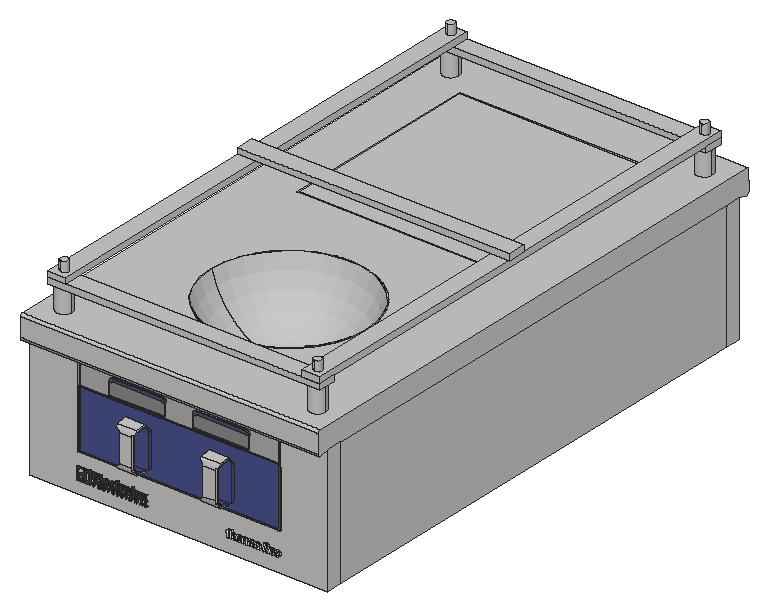
Revit family "QF_ELECTROLUXPROFESSIONAL_589850_MCIJAAEODM", category Attrezzature speciali, Revit 2020
Family settings
  Quota connettore circolare = Usa diametro
  Tipo di parte = Normale
  Basato su piano di lavoro = No
  Sempre verticale = Sì
  Taglio con vuoti quando caricato = No
  Condiviso = No
  Punto di calcolo locali = No
Parameters (values of type "Standard")
  Weight = 25.00 kg
  Watts = 10000 W
  Volts = 440 V
  URL Manufacturer = "https://www.electroluxprofessional.com/"
  URL = "https://www.electroluxprofessional.com/"
  Steam Supply Size = 0"
  Steam Supply Minimum Pressure = 0.00 psi
  Steam Supply Maximum Pressure = 0.00 psi
  Steam Consumption per Hour = 0
  Refrigeration Suction Line Size = 0 mm
  Refrigeration Liquid Line Size = 0 mm
  Refrigerant Compressor Remote = yes
  Prospetto di default = 0 mm
  Phase = 3
  Modello = "MCIJAAEODM"
  Produttore = "Electrolux Professional"
  Length Actual = 500 mm  # constant formula
  Item Number = "589850"
  Hot Water Size = 0"
  Height Actual = 250 mm  # constant formula
  HP = "13.4 HP"
  Gas Size = 0"
  Gas KW = 0
  Gas Input Pressure = 0.0 Btu/h
  Direct Waste Size = 0"
  Descrizione = "MARINE*IND.WOK,PLATE,2Z,1S,500X900X250H"
  Depth Actual = 900 mm  # constant formula
  Cycle = 50 Hz
  Condensate Return Size = 0"
  Compressed Air Volume = 0 GPM
  Compressed Air Size = 0"
  Compressed Air Pressure = 0.00 psi
  Cold Water Size = 0"
  Accessory = yes
Reference planes
  plane 1 "BACK": y = 0
  plane 2: z = 0
  plane 3 "LEFT": x = 0
  plane 4 "RIGHT": x = 500
  plane 5 "FRONT": y = -900
  plane 6 "TOP": z = 900
  plane 7 "Center (Left/Right)": x = 250
  plane 8 "Center (Back/Front)": y = -450
  plane 9: y = -150
  plane 10: x = 80
  plane 11: x = 420
  plane 12: y = -80
  plane 13: y = -420
  plane 14 "EIx": x = 455
  plane 15 "EIy": y = -685
  plane 16: z = 938
  plane 17 "BaseTop": z = 650
  plane 18: y = -855
  plane 19 "CenterWok": z = 975
  plane 20 "CenterWokY": y = -650
Forms (mm)
  Extrusion 1, solid, material "QF_Finishes_Stainless Steel"
    sketch origin (0, 0, 650) x (-1, 0, 0) y (0, -1, 0)
      loop
        line (0, 45) -> (0, 855) -> (-500, 855) -> (-500, 45) -> (0, 45)
    from 0 to 212.969
  Extrusion 2, solid, material "QF_Finishes_Stainless Steel"
    sketch origin (0, 0, 650) x (-1, 0, 0) y (0, -1, 0)
      loop
        circle (-455, 685) r 6.35
    from 0 to -11.851
  Extrusion 3, solid, material "QF_Finishes_Stainless Steel"
    sketch origin (250, 296.4, 1219.2) x (0, 1, 0) y (0, 0, 1)
      loop
        line (-296.4, -319.2) -> (-1191.4, -319.2)
        arc (-1191.4, -319.2) -> (-1194.935, -320.664) -> (-1196.4, -324.2) r 5
        line (-1196.4, -324.2) -> (-1196.4, -355.2)
        arc (-1196.4, -355.2) -> (-1194.971, -358.264) -> (-1191.705, -359.139) r 4
        line (-1191.705, -359.139) -> (-1176.4, -356.231) -> (-316.4, -356.231) -> (-301.094, -359.139)
        arc (-301.094, -359.139) -> (-297.829, -358.264) -> (-296.4, -355.2) r 4
        line (-296.4, -355.2) -> (-296.4, -319.2)
    from -250 to 250
  Revolve 4, void
    sketch origin (0, -650, 0) x (-1, 0, 0) y (0, 0, 1)
      loop
        line (-250, 900) -> (-250, 796.046)
        arc (-250, 796.046) -> (-166.56, 825.209) -> (-119.452, 900) r 133.95
        line (-119.452, 900) -> (-250, 900)
      axis (-250, 900) -> (-250, 796.046)
    angle from 0 to 360
  Revolve 5, solid, material "QF_Finishes_Stainless Steel"
    sketch origin (0, -650, 0) x (-1, 0, 0) y (0, 0, 1)
      loop
        arc (-120.643, 900) -> (-167.423, 826.111) -> (-250, 797.321) r 132.823
        line (-250, 797.321) -> (-250, 796.252)
        arc (-250, 796.252) -> (-166.66, 825.351) -> (-119.546, 900) r 133.892
        line (-119.546, 900) -> (-120.643, 900)
      axis (-250, 796.252) -> (-250, 900)
    angle from 0 to 360
  Extrusion 6, void
    sketch origin (0, 0, 900) x (-1, 0, 0) y (0, -1, 0)
      loop
        line (-80, 80) -> (-80, 420) -> (-420, 420) -> (-420, 80) -> (-80, 80)
    from 0 to -20
  Extrusion 7, solid, material "QF_Finishes_Stainless Steel"
    sketch origin (0, 0, 900) x (-1, 0, 0) y (0, -1, 0)
      loop
        line (-82, 418) -> (-418, 418) -> (-418, 82) -> (-82, 82) -> (-82, 418)
    from 0 to -20
  Extrusion 8, solid, material "QF_Finishes_Stainless Steel"
    sketch origin (97.542, 0.026, 940) x (0, 1, 0) y (-1, 0, 0)
      loop
        line (-30, 75) -> (-60, 75) -> (-60, -380) -> (-30, -380) -> (-30, 75)
      loop
        line (-870, 75) -> (-870, -380) -> (-840, -380) -> (-840, 75) -> (-870, 75)
      loop
        circle (-855, 60) r 6.5
      loop
        circle (-855, -365) r 6.5
      loop
        circle (-45, 60) r 6.5
      loop
        circle (-45, -365) r 6.5
    from 0 to 10
  Extrusion 9, solid, material "QF_Finishes_Stainless Steel"
    sketch origin (97.542, 0.026, 950) x (0, 1, 0) y (-1, 0, 0)
      loop
        line (-30, 75) -> (-870, 75) -> (-870, 45) -> (-30, 45) -> (-30, 75)
      loop
        line (-30, -380) -> (-30, -350) -> (-870, -350) -> (-870, -380) -> (-30, -380)
      loop
        circle (-45, 60) r 6.5
      loop
        circle (-45, -365) r 6.5
      loop
        circle (-855, 60) r 6.5
      loop
        circle (-855, -365) r 6.5
    from 0 to 10
  Extrusion 10, solid, material "QF_Finishes_Stainless Steel"
    sketch origin (97.542, 0.026, 960) x (0, 1, 0) y (-1, 0, 0)
      loop
        line (-442.5, 75) -> (-472.5, 75) -> (-472.5, -380) -> (-442.5, -380) -> (-442.5, 75)
    from 0 to 10
  Extrusion 11, solid, material "QF_Finishes_Stainless Steel"
    sketch origin (97.542, -0.974, 900) x (-1, 0, 0) y (0, -1, 0)
      loop
        circle (60, 44) r 13
      loop
        circle (-365, 44) r 13
      loop
        circle (60, 854) r 13
      loop
        circle (-365, 854) r 13
    from 0 to 40
  Extrusion 12, solid, material "QF_Finishes_Stainless Steel"
    sketch origin (97.542, -0.974, 940) x (0, 1, 0) y (-1, 0, 0)
      loop
        circle (-854, 60) r 6.5
      loop
        circle (-854, -365) r 6.5
      loop
        circle (-44, 60) r 6.5
      loop
        circle (-44, -365) r 6.5
    from 0 to 35
  Extrusion 13, solid, material "QF_Finishes_Stainless Steel"
    sketch origin (250, 296.4, 1219.2) x (0, 1, 0) y (0, 0, 1)
      loop
        line (-341.4, -569.2) -> (-316.4, -569.2) -> (-316.4, -356.231) -> (-341.4, -356.231) -> (-341.4, -569.2)
    from 250 to -250
Cuts and joins
  Revolve 4, Extrusion 6 cuts Extrusion 3
  Revolve 4 cuts Extrusion 1
Lines and regions (mm)
  symbolic lines
    curve 1: line (0, 0, 100) -> (500, 0, 100)
    curve 2: line (0, -900, 100) -> (0, 0, 100)
    curve 3: line (500, -900, 100) -> (0, -900, 100)
    curve 4: line (500, 0, 100) -> (500, -900, 100)
    curve 5: circle (250, -650, 0) r 135 normal (0, 0, 1)
    curve 6: line (80, -80, 900) -> (420, -80, 900)
    curve 7: line (80, -420, 900) -> (80, -80, 900)
    curve 8: line (420, -420, 900) -> (80, -420, 900)
    curve 9: line (420, -80, 900) -> (420, -420, 900)
    curve 24: line (22.542, -29.974, 900) -> (477.542, -29.974, 900)
    curve 25: line (22.542, -59.974, 900) -> (22.542, -29.974, 900)
    curve 26: line (447.542, -59.974, 900) -> (52.542, -59.974, 900)
    curve 27: line (477.542, -29.974, 900) -> (477.542, -59.974, 900)
    curve 28: line (22.542, -442.474, 900) -> (477.542, -442.474, 900)
    curve 29: line (22.542, -472.474, 900) -> (22.542, -442.474, 900)
    curve 30: line (477.542, -472.474, 900) -> (22.542, -472.474, 900)
    curve 31: line (477.542, -442.474, 900) -> (477.542, -472.474, 900)
    curve 32: line (52.542, -839.974, 900) -> (447.542, -839.974, 900)
    curve 33: line (22.542, -869.974, 900) -> (22.542, -839.974, 900)
    curve 34: line (477.542, -869.974, 900) -> (22.542, -869.974, 900)
    curve 35: line (477.542, -839.974, 900) -> (477.542, -869.974, 900)
    curve 36: line (22.542, -59.974, 900) -> (22.542, -442.474, 900)
    curve 37: line (22.542, -472.474, 900) -> (22.542, -839.974, 900)
    curve 38: line (477.542, -839.974, 900) -> (477.542, -472.474, 900)
    curve 39: line (477.542, -442.474, 900) -> (477.542, -59.974, 900)
    curve 40: line (447.542, -29.974, 900) -> (447.542, -442.474, 900)
    curve 41: line (447.542, -472.474, 900) -> (447.542, -869.974, 900)
    curve 42: line (52.542, -869.974, 900) -> (52.542, -472.474, 900)
    curve 43: line (52.542, -442.474, 900) -> (52.542, -29.974, 900)
    curve 44: circle (37.542, -44.974, 900) r 6.5 normal (0, 0, 1)
    curve 45: circle (462.542, -44.974, 900) r 6.5 normal (0, 0, 1)
    curve 46: circle (37.542, -854.974, 900) r 6.5 normal (0, 0, 1)
    curve 47: circle (462.542, -854.974, 900) r 6.5 normal (0, 0, 1)
  model lines
    curve 10: line (88.477, -104.179, 900) -> (102.619, -90.037, 900)
    curve 11: line (102.619, -90.037, 900) -> (397.381, -90.037, 900)
    curve 12: line (103.636, -107.353, 900) -> (89.494, -121.495, 900)
    curve 13: line (89.494, -121.495, 900) -> (89.494, -378.505, 900)
    curve 14: line (225, -225, 900) -> (275, -225, 900)
    curve 15: line (88.477, -395.821, 900) -> (102.619, -409.963, 900)
    curve 16: line (102.619, -409.963, 900) -> (397.381, -409.963, 900)
    curve 17: line (103.636, -392.647, 900) -> (89.494, -378.505, 900)
    curve 18: line (411.523, -104.179, 900) -> (397.381, -90.037, 900)
    curve 19: line (396.364, -107.353, 900) -> (410.506, -121.495, 900)
    curve 20: line (410.506, -121.495, 900) -> (410.506, -378.505, 900)
    curve 21: line (411.523, -395.821, 900) -> (397.381, -409.963, 900)
    curve 22: line (396.364, -392.647, 900) -> (410.506, -378.505, 900)
    curve 23: line (250, -250, 900) -> (250, -200, 900)
Dimensions and locks
  plane 3 "LEFT" to plane 4 "RIGHT" = 500 mm
  plane 5 "FRONT" to plane 1 "BACK" = 900 mm
  equal spacing: plane 3 "LEFT", plane 7 "Center (Left/Right)", plane 4 "RIGHT"
  equal spacing: plane 5 "FRONT", plane 8 "Center (Back/Front)", plane 1 "BACK"
  plane 6 "TOP" to level = 900 mm  (x2)
  plane 1 "BACK" to plane 9 = 150 mm
  plane 1 "BACK" to Extrusion 2 = 685 mm
  locked: plane 14 "EIx" to plane 4 "RIGHT" at 45
  plane 15 "EIy" to plane 1 "BACK" = 685 mm
  plane 16 to plane 6 "TOP" = 38 mm
  plane 12 to plane 1 "BACK" = 80 mm
  plane 3 "LEFT" to plane 10 = 80 mm
  plane 11 to plane 4 "RIGHT" = 80 mm
  locked: plane 6 "TOP" to plane 17 "BaseTop" at 250
  locked: plane 18 to plane 5 "FRONT" at 45
  plane 19 "CenterWok" to plane 6 "TOP" = 75 mm  (x2)
  plane 5 "FRONT" to plane 20 "CenterWokY" = 250 mm
  plane 13 to plane 12 = 340 mm
  aligned and locked: level to plane 2
  aligned and locked: nested 1 to plane 18
  aligned and locked: Extrusion 1 to plane 18
  aligned and locked: plane 3 "LEFT" to nested 1
  aligned and locked: cut or joined group of Extrusion 1, Revolve 4 to plane 17 "BaseTop"
  aligned and locked: cut or joined group of Extrusion 1, Revolve 4 to cut or joined group of Extrusion 3, Revolve 4, Extrusion 6
Automatic sketch dimensions
  Extrusion 2 sketch curve to plane 14 "EIx" = 0 mm
  Extrusion 2 sketch curve to plane 15 "EIy" = 0 mm
  Extrusion 6 sketch curve to plane 11 = 0 mm
  Extrusion 6 sketch curve to plane 10 = 0 mm
  plane 12 to Extrusion 6 sketch curve = 0 mm
  plane 13 to Extrusion 6 sketch curve = 0 mm
  Extrusion 7 sketch curve to plane 13 = 2 mm
  plane 11 to Extrusion 7 sketch curve = 2 mm
  Extrusion 7 sketch curve to plane 10 = 2 mm
  plane 12 to Extrusion 7 sketch curve = 2 mm
  Extrusion 3 sketch curve to plane 5 "FRONT" = 0 mm
  Extrusion 3 sketch curve to plane 6 "TOP" = 0 mm
  Extrusion 3 sketch curve to plane 1 "BACK" = 0 mm
  Extrusion 3 sketch curve to Extrusion 3 sketch curve = 4 mm
  Extrusion 3 sketch curve to Extrusion 3 sketch curve = 0.695 mm
  Extrusion 3 sketch curve to plane 5 "FRONT" = 5 mm
  Extrusion 3 sketch curve to Extrusion 3 sketch curve = 15.305 mm
  plane 1 "BACK" to Extrusion 3 sketch curve = 20 mm
  plane 1 "BACK" to Extrusion 3 sketch curve = 4.695 mm
  plane 1 "BACK" to Extrusion 3 sketch curve = 4 mm
  Extrusion 3 sketch curve to Extrusion 3 sketch curve = 31 mm
  Extrusion 3 sketch curve to Extrusion 3 sketch curve = 36 mm
  Extrusion 3 sketch curve to Extrusion 3 sketch curve = 2.909 mm
  curve 5 to plane 7 "Center (Left/Right)" = 0 mm
  curve 5 to plane 20 "CenterWokY" = 0 mm
  plane 1 "BACK" to curve 1 = 0 mm
  curve 1 to plane 4 "RIGHT" = 0 mm
  curve 3 to plane 3 "LEFT" = 0 mm
  plane 5 "FRONT" to curve 3 = 0 mm
  Revolve 4 sketch curve to plane 7 "Center (Left/Right)" = 0 mm  (x2)
  Revolve 4 sketch curve to plane 6 "TOP" = 0 mm
  Revolve 4 sketch curve to plane 10 = 39.452 mm
  Revolve 4 sketch curve to plane 6 "TOP" = 103.954 mm
  Revolve 4 sketch curve to Revolve 4 sketch curve = 0 mm
  plane 19 "CenterWok" to Revolve 4 sketch curve = 139.996 mm
  Revolve 5 sketch curve to Revolve 5 sketch curve = 0 mm  (x2)
  Revolve 5 sketch curve to plane 7 "Center (Left/Right)" = 0 mm  (x2)
  Revolve 5 sketch curve to plane 6 "TOP" = 0 mm
  Revolve 5 sketch curve to plane 10 = 40.643 mm
  Revolve 5 sketch curve to Revolve 5 sketch curve = 1.098 mm
  Revolve 5 sketch curve to plane 6 "TOP" = 102.679 mm
  Revolve 5 sketch curve to Revolve 5 sketch curve = 3.331 mm
  plane 16 to Revolve 5 sketch curve = 2.653 mm
  Extrusion 8 sketch curve to plane 18 = 14.974 mm
  plane 18 to Extrusion 8 sketch curve = 0.026 mm  (x2)
  plane 18 to Extrusion 8 sketch curve = 15.026 mm
  Extrusion 8 sketch curve to plane 12 = 20.026 mm
  Extrusion 8 sketch curve to Extrusion 8 sketch curve = 15 mm  (x7)
  Extrusion 8 sketch curve to plane 14 "EIx" = 7.542 mm  (x2)
  plane 3 "LEFT" to Extrusion 8 sketch curve = 37.542 mm  (x2)
  Extrusion 9 sketch curve to plane 18 = 14.974 mm  (x2)
  plane 18 to Extrusion 9 sketch curve = 0.026 mm  (x2)
  Extrusion 9 sketch curve to plane 12 = 35.026 mm  (x2)
  Extrusion 9 sketch curve to plane 14 "EIx" = 7.542 mm  (x2)
  plane 14 "EIx" to Extrusion 9 sketch curve = 7.458 mm
  Extrusion 9 sketch curve to Extrusion 9 sketch curve = 15 mm  (x6)
  plane 10 to Extrusion 9 sketch curve = 27.458 mm
  Extrusion 11 sketch curve to plane 14 "EIx" = 7.542 mm  (x2)
  plane 18 to Extrusion 11 sketch curve = 0.026 mm  (x2)
  plane 3 "LEFT" to Extrusion 11 sketch curve = 37.542 mm  (x2)
  Extrusion 11 sketch curve to plane 12 = 35.026 mm  (x2)
  plane 18 to Extrusion 12 sketch curve = 0.026 mm  (x2)
  Extrusion 12 sketch curve to plane 14 "EIx" = 7.542 mm  (x2)
  Extrusion 12 sketch curve to plane 12 = 35.026 mm  (x2)
  plane 3 "LEFT" to Extrusion 12 sketch curve = 37.542 mm  (x2)
  Extrusion 1 sketch curve to plane 4 "RIGHT" = 0 mm
  Extrusion 1 sketch curve to plane 3 "LEFT" = 0 mm
  Extrusion 1 sketch curve to plane 18 = 0 mm
  Extrusion 1 sketch curve to plane 12 = 35 mm
  Extrusion 13 sketch curve to plane 17 "BaseTop" = 0 mm
  Extrusion 13 sketch curve to plane 12 = 35 mm
  Extrusion 13 sketch curve to Extrusion 13 sketch curve = 25 mm
  Extrusion 13 sketch curve to plane 6 "TOP" = 37.031 mm
  plane 3 "LEFT" to Extrusion 10 sketch curve = 22.542 mm
  plane 13 to Extrusion 10 sketch curve = 52.474 mm
  Extrusion 10 sketch curve to Extrusion 10 sketch curve = 30 mm
  plane 4 "RIGHT" to Extrusion 10 sketch curve = 22.458 mm
  curve 9 to plane 11 = 0 mm
  curve 23 to plane 7 "Center (Left/Right)" = 0 mm
  curve 7 to plane 10 = 0 mm
  plane 12 to curve 6 = 0 mm
  plane 13 to curve 8 = 0 mm
  plane 4 "RIGHT" to curve 31 = 22.458 mm
  plane 11 to curve 19 = 9.494 mm
  curve 21 to plane 13 = 10.037 mm
  plane 11 to curve 21 = 22.619 mm
  plane 12 to curve 11 = 10.037 mm
  plane 11 to curve 11 = 22.619 mm
  curve 16 to plane 10 = 22.619 mm
  curve 10 to plane 10 = 22.619 mm
  curve 13 to plane 10 = 9.494 mm
  plane 3 "LEFT" to curve 37 = 22.542 mm
  curve 27 to plane 12 = 20.026 mm
  curve 25 to plane 12 = 20.026 mm
  plane 1 "BACK" to curve 27 = 29.974 mm
  plane 9 to curve 12 = 28.505 mm
  plane 9 to curve 20 = 28.505 mm
  curve 22 to curve 16 = 31.458 mm
  curve 17 to curve 15 = 31.458 mm
  plane 8 "Center (Back/Front)" to curve 31 = 7.526 mm
  curve 29 to plane 8 "Center (Back/Front)" = 22.474 mm
  plane 18 to curve 38 = 15.026 mm
  plane 18 to curve 37 = 15.026 mm
  curve 34 to plane 18 = 14.974 mm
  plane 14 "EIx" to curve 41 = 7.458 mm
  plane 14 "EIx" to curve 40 = 7.458 mm
  plane 11 to curve 18 = 8.477 mm
  plane 11 to curve 21 = 8.477 mm
  curve 18 to curve 19 = 15.16 mm
  curve 21 to curve 22 = 15.16 mm
  plane 7 "Center (Left/Right)" to curve 14 = 25 mm
  curve 14 to plane 7 "Center (Left/Right)" = 25 mm
  curve 17 to curve 15 = 1.017 mm
  curve 12 to curve 10 = 1.017 mm
  curve 10 to plane 10 = 8.477 mm
  curve 15 to plane 10 = 8.477 mm
  plane 10 to curve 43 = 27.458 mm
  plane 10 to curve 42 = 27.458 mm
  curve 26 to plane 12 = 20.026 mm
  curve 18 to curve 19 = 17.316 mm
  curve 10 to curve 12 = 17.316 mm
  curve 10 to curve 12 = 3.173 mm
  curve 18 to curve 19 = 3.173 mm
  curve 23 to plane 9 = 50 mm
  curve 23 to curve 14 = 25 mm
  curve 14 to curve 23 = 25 mm
  curve 22 to curve 16 = 17.316 mm
  curve 17 to curve 15 = 17.316 mm
  curve 17 to curve 15 = 3.173 mm
  curve 22 to curve 21 = 3.173 mm
  plane 18 to curve 32 = 15.026 mm
  radius of Extrusion 2 sketch curve = 6.35 mm
  radius of curve 5 = 135 mm
  radius of Extrusion 8 sketch curve = 6.5 mm  (x4)
  radius of Extrusion 9 sketch curve = 6.5 mm  (x4)
  radius of Extrusion 11 sketch curve = 13 mm  (x4)
  radius of Extrusion 12 sketch curve = 6.5 mm  (x4)
Nested families
  nested 1: "Front_Panel_W500_2 Knobs" at (52.376, -855, 0), type "Front_Panel_W500_2 Knobs"
Connectors
  electrical at (455, -685, 638.149)
    settings: on Extrusion 2, index 1, voltage 400 V, apparent load 33000 VA, apparent load phase1 0 VA, apparent load phase2 0 VA, apparent load phase3 0 VA, power factor 1, load classification "Other", number of poles 1, system type 30, power factor state 1, is connector primary yes, connector utility no, sub classification motor no, connector description "ELECTRICAL CONNECTION"
Definition of nested family "Front_Panel_W500_2 Knobs"
  Parameters
    Width = 500 mm
    Default Elevation = 0 mm
  Reference planes
    plane 1 "Center (Front/Back)": y = 0
    plane 2: z = 0
    plane 3 "Center (Left/Right)": x = 197.624
    plane 4 "Left": x = -52.376
    plane 5 "Right": x = 447.624
    plane 6: y = -45
    plane 7: y = -25
    plane 8: x = 367.624
    plane 9: x = 27.624
    plane 10: x = 127.624
    plane 11: x = 267.624
  Forms (mm)
    Extrusion 1, solid
      sketch origin (833.217, 829.203, -1.25) x (0, 1, 0) y (0, 0, 1)
        loop
          line (-854.203, 651.25) -> (-829.203, 651.25) -> (-829.203, 864.25) -> (-854.203, 864.25) -> (-854.203, 651.25)
      from -885.593 to -385.593
    Extrusion 2, void
      sketch origin (0, 0, 0) x (1, 0, 0) y (0, 0, 1)
        loop
          line (27.624, 853.866) -> (27.624, 711.866) -> (367.624, 711.866) -> (367.624, 853.866) -> (27.624, 853.866)
      from 19.387 to 33.951
  Cuts and joins
    Extrusion 2 cuts Extrusion 1
  Dimensions and locks
    equal spacing: plane 5 "Right", plane 3 "Center (Left/Right)", plane 4 "Left"
    "Width": plane 5 "Right" to plane 4 "Left"
    locked: plane 3 "Center (Left/Right)" to plane 9 at 170
    locked: plane 8 to plane 3 "Center (Left/Right)" at 170
    locked: plane 3 "Center (Left/Right)" to plane 10 at 70
    locked: plane 11 to plane 3 "Center (Left/Right)" at 70
    aligned and locked: cut or joined group of Extrusion 1, Extrusion 2 to plane 4 "Left"
    aligned and locked: plane 5 "Right" to cut or joined group of Extrusion 1, Extrusion 2
    aligned and locked: plane 3 "Center (Left/Right)" to nested 1
    aligned and locked: cut or joined group of Extrusion 1, Extrusion 2 to nested 1
    aligned and locked: plane 9 to Extrusion 2 sketch curve
    aligned and locked: Extrusion 2 sketch curve to plane 8
    aligned and locked: plane 9 to cut or joined group of Extrusion 1, Extrusion 2
    aligned and locked: plane 8 to cut or joined group of Extrusion 1, Extrusion 2
    aligned and locked: plane 9 to nested 1
    aligned and locked: plane 8 to nested 1
    aligned and locked: nested 4 to plane 9
  Automatic sketch dimensions
    Extrusion 1 sketch curve to plane 1 "Center (Front/Back)" = 0 mm
    level to Extrusion 1 sketch curve = 650 mm
    level to Extrusion 2 sketch curve = 711.866 mm
    Extrusion 2 sketch curve to Extrusion 2 sketch curve = 142 mm
    Extrusion 1 sketch curve to plane 6 = 20 mm
    Extrusion 1 sketch curve to Extrusion 1 sketch curve = 213 mm
  Nested families
    nested 1: "Front glass control panel W340_2 Knobs" at (197.624, 280.644, 2.752), type "Front glass control panel W340_2 Knobs"
    nested 2: "Range Control Handle" at (127.624, -28.137, -209.113) x (-1, 0, 0) z (0, 0, 1), type "Range Control Handle"
    nested 3: "ELX_ThermaLine_Small" at (319.031, -25, 679.426) x (1, 0, 0) z (0, -1, 0), type "ELX_ThermaLine_Small"
      with Show Logo yes, Material_Logo none
    nested 4: "ELX_Professional_Logo_Small" at (87.11, -25, 681.659) x (1, 0, 0) z (0, -1, 0), type "ELX_Professional_Logo_Small"
      with Show Logo yes, Material_Logo none
    nested 5: "Range Control Handle" at (267.624, -28.137, -209.113) x (-1, 0, 0) z (0, 0, 1), type "Range Control Handle"
  Definition of nested family "Front glass control panel W340_2 Knobs"
    Parameters
      Default Elevation = 0 mm
    Reference planes
      plane 1 "Center (Front/Back)": y = 0
      plane 2: z = 0
      plane 3 "Center (Left/Right)": x = 0
    Forms (mm)
      Extrusion 1, solid
        sketch origin (378.286, 0, 0.617) x (1, 0, 0) y (0, 0, 1)
          loop
            line (-548.286, 806.791) -> (-548.286, 708.497) -> (-208.286, 708.497) -> (-208.286, 806.791) -> (-548.286, 806.791)
        from 300.031 to 304.8
      Extrusion 2, solid
        sketch origin (378.286, 0, 0.617) x (1, 0, 0) y (0, 0, 1)
          loop
            line (-548.286, 850.497) -> (-548.286, 806.791) -> (-208.286, 806.791) -> (-208.286, 850.497) -> (-548.286, 850.497)
        from 300.031 to 304.8
      Extrusion 3, void
        sketch origin (378.286, 0, 0.617) x (1, 0, 0) y (0, 0, 1)
          loop
            line (-545.628, 847.565) -> (-545.628, 710.699) -> (-211.196, 710.699) -> (-211.196, 847.565) -> (-545.628, 847.565)
        from 303.697 to 304.8
      Extrusion 4, solid
        sketch origin (238.309, 1.101, -0.633) x (1, 0, 0) y (0, 0, 1)
          loop
            line (-261.431, 812.62) -> (-261.431, 834.177) -> (-266.24, 834.177) -> (-268.039, 835.977) -> (-348.469, 835.977) -> (-350.269, 834.177) -> (-355.186, 834.177) -> (-355.186, 812.62) -> (-261.431, 812.62)
        from 304.798 to 306.745
      Extrusion 5, solid
        sketch origin (238.309, 1.101, -0.633) x (1, 0, 0) y (0, 0, 1)
          loop
            line (-350.269, 834.177) -> (-348.469, 835.977) -> (-268.039, 835.977) -> (-266.24, 834.177) -> (-261.529, 834.177)
            arc (-261.529, 834.177) -> (-262.706, 838.752) -> (-266.98, 840.763) r 5.549
            line (-266.98, 840.763) -> (-349.686, 840.763)
            arc (-349.686, 840.763) -> (-353.942, 838.747) -> (-355.078, 834.177) r 5.5
            line (-355.078, 834.177) -> (-350.269, 834.177)
        from 304.798 to 306.745
      Extrusion 6, solid
        sketch origin (378.309, 1.101, -0.633) x (1, 0, 0) y (0, 0, 1)
          loop
            line (-261.431, 812.62) -> (-261.431, 834.177) -> (-266.24, 834.177) -> (-268.039, 835.977) -> (-348.469, 835.977) -> (-350.269, 834.177) -> (-355.186, 834.177) -> (-355.186, 812.62) -> (-261.431, 812.62)
        from 304.798 to 306.745
      Extrusion 7, solid
        sketch origin (378.309, 1.101, -0.633) x (1, 0, 0) y (0, 0, 1)
          loop
            line (-350.269, 834.177) -> (-348.469, 835.977) -> (-268.039, 835.977) -> (-266.24, 834.177) -> (-261.529, 834.177)
            arc (-261.529, 834.177) -> (-262.706, 838.752) -> (-266.98, 840.763) r 5.549
            line (-266.98, 840.763) -> (-349.686, 840.763)
            arc (-349.686, 840.763) -> (-353.942, 838.747) -> (-355.078, 834.177) r 5.5
            line (-355.078, 834.177) -> (-350.269, 834.177)
        from 304.798 to 306.745
    Cuts and joins
      Extrusion 3 cuts Extrusion 1
      Extrusion 3 cuts Extrusion 2
    Dimensions and locks
      equal spacing: cut or joined group of Extrusion 2, Extrusion 3, plane 3 "Center (Left/Right)", cut or joined group of Extrusion 2, Extrusion 3
      cut or joined group of Extrusion 2, Extrusion 3 to cut or joined group of Extrusion 2, Extrusion 3 = 340 mm
      aligned and locked: Extrusion 1 to Extrusion 2
      aligned and locked: Extrusion 5 to Extrusion 4
      aligned and locked: Extrusion 7 to Extrusion 6
    Automatic sketch dimensions
      Extrusion 1 sketch curve to plane 3 "Center (Left/Right)" = 170 mm
      plane 3 "Center (Left/Right)" to Extrusion 1 sketch curve = 170 mm
      level to Extrusion 1 sketch curve = 709.114 mm
      Extrusion 1 sketch curve to Extrusion 1 sketch curve = 98.294 mm
      Extrusion 2 sketch curve to plane 3 "Center (Left/Right)" = 170 mm
      plane 3 "Center (Left/Right)" to Extrusion 2 sketch curve = 170 mm
      level to Extrusion 2 sketch curve = 807.408 mm
      Extrusion 2 sketch curve to Extrusion 2 sketch curve = 43.706 mm
      Extrusion 3 sketch curve to plane 3 "Center (Left/Right)" = 167.342 mm
      plane 3 "Center (Left/Right)" to Extrusion 3 sketch curve = 167.091 mm
      level to Extrusion 3 sketch curve = 711.316 mm
      Extrusion 3 sketch curve to Extrusion 3 sketch curve = 136.866 mm
      Extrusion 4 sketch curve to plane 3 "Center (Left/Right)" = 116.877 mm
      Extrusion 4 sketch curve to Extrusion 4 sketch curve = 4.917 mm
      Extrusion 4 sketch curve to Extrusion 4 sketch curve = 1.8 mm  (x3)
      Extrusion 4 sketch curve to plane 3 "Center (Left/Right)" = 29.731 mm
      Extrusion 4 sketch curve to Extrusion 4 sketch curve = 4.809 mm
      level to Extrusion 4 sketch curve = 811.987 mm
      Extrusion 4 sketch curve to Extrusion 4 sketch curve = 21.557 mm  (x2)
      Extrusion 5 sketch curve to plane 3 "Center (Left/Right)" = 116.769 mm
      Extrusion 5 sketch curve to Extrusion 5 sketch curve = 4.809 mm
      Extrusion 5 sketch curve to Extrusion 5 sketch curve = 0.583 mm
      Extrusion 5 sketch curve to Extrusion 5 sketch curve = 1.217 mm
      Extrusion 5 sketch curve to plane 3 "Center (Left/Right)" = 29.731 mm
      Extrusion 5 sketch curve to Extrusion 5 sketch curve = 1.059 mm
      Extrusion 5 sketch curve to Extrusion 5 sketch curve = 0.741 mm
      Extrusion 5 sketch curve to Extrusion 5 sketch curve = 4.711 mm
      level to Extrusion 5 sketch curve = 833.543 mm
      Extrusion 5 sketch curve to Extrusion 5 sketch curve = 0 mm
      Extrusion 5 sketch curve to Extrusion 5 sketch curve = 1.037 mm
      Extrusion 5 sketch curve to Extrusion 5 sketch curve = 0.714 mm
      plane 3 "Center (Left/Right)" to Extrusion 6 sketch curve = 23.123 mm
      Extrusion 6 sketch curve to Extrusion 6 sketch curve = 4.917 mm
      Extrusion 6 sketch curve to Extrusion 6 sketch curve = 1.8 mm  (x3)
      Extrusion 6 sketch curve to Extrusion 6 sketch curve = 80.43 mm
      Extrusion 6 sketch curve to Extrusion 6 sketch curve = 4.809 mm
      level to Extrusion 6 sketch curve = 811.987 mm
      Extrusion 6 sketch curve to Extrusion 6 sketch curve = 21.557 mm  (x2)
      plane 3 "Center (Left/Right)" to Extrusion 7 sketch curve = 23.231 mm
      Extrusion 7 sketch curve to Extrusion 7 sketch curve = 4.809 mm
      Extrusion 7 sketch curve to Extrusion 7 sketch curve = 0.583 mm
      Extrusion 7 sketch curve to Extrusion 7 sketch curve = 1.217 mm
      Extrusion 7 sketch curve to Extrusion 7 sketch curve = 80.43 mm
      Extrusion 7 sketch curve to Extrusion 7 sketch curve = 1.059 mm
      Extrusion 7 sketch curve to Extrusion 7 sketch curve = 0.741 mm
      Extrusion 7 sketch curve to Extrusion 7 sketch curve = 4.711 mm
      level to Extrusion 7 sketch curve = 833.543 mm
      Extrusion 7 sketch curve to Extrusion 7 sketch curve = 0 mm
      Extrusion 7 sketch curve to Extrusion 7 sketch curve = 1.037 mm
      Extrusion 7 sketch curve to Extrusion 7 sketch curve = 0.714 mm
  Definition of nested family "Range Control Handle"
    Parameters
      Default Elevation = 0 mm
    Reference planes
      plane 1 "Center (Front/Back)": y = 0
      plane 2: z = 0
      plane 3 "Center (Left/Right)": x = 0
      plane 4: z = 971.092
      plane 5: y = -16.9
    Forms (mm)
      Extrusion 1, solid
        sketch origin (-746.28, 380.497, 208.931) x (-1, 0, 0) y (0, 0, 1)
          loop
            line (-770.101, 786.798) -> (-770.101, 731.649)
            arc (-770.101, 731.649) -> (-769.759, 730.563) -> (-768.855, 729.87) r 1.893
            line (-768.855, 729.87) -> (-763.474, 727.911) -> (-729.81, 727.911) -> (-724.428, 729.87)
            arc (-724.428, 729.87) -> (-723.525, 730.563) -> (-723.183, 731.649) r 1.893
            line (-723.183, 731.649) -> (-723.183, 786.798)
            arc (-723.183, 786.798) -> (-723.529, 787.894) -> (-724.44, 788.593) r 1.91
            line (-724.44, 788.593) -> (-729.683, 790.819) -> (-763.601, 790.819) -> (-768.844, 788.593)
            arc (-768.844, 788.593) -> (-769.755, 787.894) -> (-770.101, 786.798) r 1.91
        from -382.35 to -378.852
      Sweep 2, solid
        path origin (-746.788, 380.496, 208.091) x (0, -1, 0) y (0, 0, 1)
          loop
            line (379.775, 793.281) -> (395.661, 791.048)
            arc (395.661, 791.048) -> (397.781, 787.377) -> (398.517, 783.202) r 12.207
            line (398.517, 783.202) -> (398.517, 737.368)
            arc (398.517, 737.368) -> (397.781, 733.193) -> (395.661, 729.522) r 12.207
            line (395.661, 729.522) -> (379.775, 727.289)
        profile origin (-746.788, -7.222, 1000.256) x (0, -0.139173, 0.990268) y (-1, 0, 0)
          loop
            line (0.782, -763.123) -> (0.782, -730.907) -> (-1.322, -730.907) -> (-1.322, -763.123) -> (0.782, -763.123)
      Sweep 3, solid
        path origin (-746.788, 380.715, 207.832) x (0, -1, 0) y (0, 0, 1)
          loop
            line (380.478, 795.442) -> (397.218, 793.09)
            arc (397.218, 793.09) -> (399.929, 788.473) -> (400.871, 783.202) r 15.207
            line (400.871, 783.202) -> (400.871, 737.584)
            arc (400.871, 737.584) -> (399.914, 732.274) -> (397.164, 727.633) r 15.207
            line (397.164, 727.633) -> (380.601, 725.305)
        profile origin (-746.788, -8.132, 1002.099) x (0, -0.139173, 0.990268) y (-1, 0, 0)
          loop
            line (0.782, -763.123) -> (0.782, -730.907) -> (-1.322, -730.907) -> (-1.322, -763.123) -> (0.782, -763.123)
      Extrusion 4, void
        sketch origin (889.253, 220.666, 207.993) x (1, 0, 0) y (0, 0, 1)
          loop
            line (-943.038, 816.854) -> (-943.038, 703.686) -> (-899.466, 734.196) -> (-899.466, 786.344) -> (-943.038, 816.854)
        from 230.636 to 242.25
      Extrusion 5, void
        sketch origin (-888.8, 220.666, 207.993) x (-1, 0, 0) y (0, 0, -1)
          loop
            line (-943.038, -816.854) -> (-899.466, -786.344) -> (-899.466, -734.196) -> (-943.038, -703.686) -> (-943.038, -816.854)
        from 230.636 to 242.25
      Extrusion 6, solid
        sketch origin (0, 0, 0) x (1, 0, 0) y (0, 0, 1)
          loop
            circle (0, 971.092) r 7.736
        from -3.137 to -1.645
    Cuts and joins
      Extrusion 4, Extrusion 5 cuts Sweep 3
      Extrusion 4, Extrusion 5 cuts Sweep 2
      joined: Extrusion 1, Extrusion 6
    Lines and regions (mm)
      symbolic lines
        curve 1: line (16.334, -16.9, 0) -> (16.334, -19.227, 0)
        curve 2: spline (16.334, -19.227, 0) -> (15.87, -19.385, 0) -> (15.404, -19.536, 0) -> (14.936, -19.678, 0) -> (14.466, -19.813, 0) -> (13.995, -19.94, 0) -> (13.523, -20.059, 0) -> (13.049, -20.171, 0) -> (12.575, -20.274, 0) -> (12.099, -20.37, 0) -> (11.622, -20.458, 0) -> (11.144, -20.537, 0) -> (10.666, -20.609, 0)
        curve 3: line (10.666, -16.9, 0) -> (10.666, -20.938, 0)
        curve 4: line (-10.213, -20.938, 0) -> (10.666, -20.938, 0)
        curve 5: line (-10.213, -20.938, 0) -> (-10.213, -16.9, 0)
        curve 6: spline (-10.213, -20.609, 0) -> (-10.691, -20.537, 0) -> (-11.169, -20.458, 0) -> (-11.646, -20.37, 0) -> (-12.122, -20.274, 0) -> (-12.597, -20.171, 0) -> (-13.07, -20.059, 0) -> (-13.542, -19.94, 0) -> (-14.013, -19.813, 0) -> (-14.483, -19.678, 0) -> (-14.951, -19.536, 0) -> (-15.417, -19.385, 0) -> (-15.881, -19.227, 0)
        curve 7: line (-15.881, -19.227, 0) -> (-15.881, -16.9, 0)
  Definition of nested family "ELX_ThermaLine_Small"
    Parameters
      Show Logo [instance] = yes
      Material_Logo [instance] = none
      Default Elevation = 0 mm
    Reference planes
      plane 1 "Centro (Fronte/Retro)": y = 0
      plane 2: z = 0
      plane 3 "Centro (Sinistra/Destra)": x = 0
    Forms (mm)
      Extrusion 1, solid
        sketch origin (0, 0, 0) x (1, 0, 0) y (0, 1, 0)
          loop
            line (-1219.2, 1219.2) -> (-1219.2, -1219.2) -> (1219.2, -1219.2) -> (1219.2, 1219.2) -> (-1219.2, 1219.2)
        from 0 to -304.8
      Extrusion 2, solid
        sketch origin (0, 0, 0) x (1, 0, 0) y (0, 1, 0)
          loop
            line (-37.494, 1.229) -> (-35.908, 1.229) -> (-35.908, 3.066) -> (-37.494, 3.066) -> (-37.494, 6.221) -> (-39.867, 4.881) -> (-39.867, 3.066) -> (-40.969, 3.066) -> (-40.969, 1.229) -> (-39.867, 1.229) -> (-39.867, -3.407)
            arc (-39.867, -3.407) -> (-38.982, -5.513) -> (-36.751, -6.001) r 2.478
            line (-36.751, -6.001) -> (-35.638, -5.7) -> (-35.9, -3.835) -> (-36.661, -4.039)
            arc (-36.661, -4.039) -> (-37.236, -3.924) -> (-37.494, -3.399) r 0.662
            line (-37.494, -3.399) -> (-37.494, 1.229)
          loop
            line (-34.242, 6.539) -> (-34.242, -5.848) -> (-31.854, -5.848) -> (-31.854, -0.078)
            arc (-31.854, -0.078) -> (-30.939, 1.249) -> (-29.33, 1.367) r 1.866
            arc (-29.33, 1.367) -> (-28.695, 0.768) -> (-28.461, -0.073) r 1.627
            line (-28.461, -0.073) -> (-28.461, -5.848) -> (-26.086, -5.848) -> (-26.064, -0.46)
            arc (-26.064, -0.46) -> (-26.261, 0.932) -> (-26.786, 2.237) r 5.825
            arc (-26.786, 2.237) -> (-29.381, 3.264) -> (-31.854, 1.971) r 3.353
            line (-31.854, 1.971) -> (-31.854, 6.539) -> (-34.242, 6.539)
          loop
            arc (-18.398, -0.598) -> (-18.893, 0.879) -> (-20.326, 1.487) r 1.897
            arc (-20.326, 1.487) -> (-21.461, 0.708) -> (-21.897, -0.598) r 2.164
            line (-21.897, -0.598) -> (-18.398, -0.598)
          loop
            arc (-16.021, -2.044) -> (-16.754, 1.227) -> (-19.444, 3.226) r 4.814
            arc (-19.444, 3.226) -> (-22.137, 2.788) -> (-23.943, 0.743) r 4.054
            arc (-23.943, 0.743) -> (-24.382, -1.249) -> (-24.162, -3.276) r 6.289
            arc (-24.162, -3.276) -> (-23.302, -4.71) -> (-21.958, -5.705) r 4.28
            arc (-21.958, -5.705) -> (-18.558, -5.814) -> (-16.152, -3.409) r 4.28
            line (-16.152, -3.409) -> (-18.5, -2.995)
            arc (-18.5, -2.995) -> (-19.273, -3.994) -> (-20.533, -4.076) r 1.536
            arc (-20.533, -4.076) -> (-21.56, -3.281) -> (-21.958, -2.044) r 2.197
            line (-21.958, -2.044) -> (-16.021, -2.044)
          loop
            line (-14.165, -5.848) -> (-11.819, -5.848) -> (-11.819, -2.138)
            arc (-11.819, -2.138) -> (-11.787, -1.156) -> (-11.637, -0.185) r 8.18
            arc (-11.637, -0.185) -> (-10.644, 0.972) -> (-9.132, 0.776) r 1.603
            line (-9.132, 0.776) -> (-8.419, 2.846)
            arc (-8.419, 2.846) -> (-10.432, 3.118) -> (-11.994, 1.821) r 2.527
            line (-11.994, 1.821) -> (-11.994, 3.094) -> (-14.165, 3.094) -> (-14.165, -5.848)
          loop
            line (-7.579, 3.094) -> (-7.579, -5.848) -> (-5.178, -5.848) -> (-5.178, -0.756)
            arc (-5.178, -0.756) -> (-4.727, 0.679) -> (-3.417, 1.419) r 2.05
            arc (-3.417, 1.419) -> (-2.499, 0.908) -> (-2.155, -0.085) r 1.471
            line (-2.155, -0.085) -> (-2.155, -5.848) -> (0.23, -5.848) -> (0.23, -1.001)
            arc (0.23, -1.001) -> (0.47, 0.127) -> (1.148, 1.061) r 2.775
            arc (1.148, 1.061) -> (2.225, 1.329) -> (3.05, 0.587) r 1.182
            arc (3.05, 0.587) -> (3.199, -0.019) -> (3.214, -0.642) r 2.894
            line (3.214, -0.642) -> (3.214, -5.848) -> (5.601, -5.848) -> (5.601, 0.261)
            arc (5.601, 0.261) -> (4.87, 2.263) -> (2.976, 3.241) r 2.932
            arc (2.976, 3.241) -> (1.284, 2.973) -> (-0.047, 1.896) r 3.309
            arc (-0.047, 1.896) -> (-1.116, 2.865) -> (-2.506, 3.258) r 3.16
            arc (-2.506, 3.258) -> (-4.105, 2.942) -> (-5.376, 1.92) r 3.419
            line (-5.376, 1.92) -> (-5.376, 3.094) -> (-7.579, 3.094)
          loop
            line (7.583, 0.738) -> (9.702, 0.364)
            arc (9.702, 0.364) -> (11.441, 1.492) -> (12.855, -0.023) r 1.613
            line (12.855, -0.023) -> (9.782, -0.789)
            arc (9.782, -0.789) -> (8.559, -1.346) -> (7.617, -2.305) r 3.687
            arc (7.617, -2.305) -> (7.499, -3.681) -> (7.901, -5.003) r 3.651
            arc (7.901, -5.003) -> (9.107, -5.766) -> (10.515, -6.006) r 3.635
            arc (10.515, -6.006) -> (11.898, -5.697) -> (13.067, -4.895) r 3.734
            line (13.067, -4.895) -> (13.376, -5.848) -> (15.75, -5.848) -> (15.212, -4.193) -> (15.212, 0.38)
            arc (15.212, 0.38) -> (14.897, 1.849) -> (13.818, 2.895) r 2.585
            arc (13.818, 2.895) -> (11.792, 3.442) -> (9.719, 3.11) r 5.005
            arc (9.719, 3.11) -> (8.369, 2.178) -> (7.583, 0.738) r 3.54
          loop
            line (19.723, -5.848) -> (22.233, -5.848) -> (24.854, 6.484) -> (22.345, 6.484) -> (19.723, -5.848)
          loop
            line (24.583, -5.848) -> (26.953, -5.848) -> (28.848, 3.066) -> (26.478, 3.066) -> (24.583, -5.848)
          loop
            line (27.204, 6.484) -> (26.741, 4.305) -> (29.111, 4.305) -> (29.575, 6.484) -> (27.204, 6.484)
          loop
            line (29.355, -5.848) -> (31.849, -5.848) -> (33.098, 0.028)
            arc (33.098, 0.028) -> (34.169, 1.306) -> (35.832, 1.422) r 2.132
            arc (35.832, 1.422) -> (36.324, 0.752) -> (36.383, -0.078) r 1.5
            line (36.383, -0.078) -> (35.157, -5.848) -> (37.536, -5.848) -> (38.936, 0.738)
            arc (38.936, 0.738) -> (38.775, 2.091) -> (37.825, 3.066) r 2.118
            arc (37.825, 3.066) -> (35.392, 3.175) -> (33.295, 1.937) r 4.271
            line (33.295, 1.937) -> (33.535, 3.066) -> (31.25, 3.066) -> (29.355, -5.848)
          loop
            line (42.792, -0.64) -> (46.589, -0.64)
            arc (46.589, -0.64) -> (46.639, 0.124) -> (46.327, 0.823) r 1.589
            arc (46.327, 0.823) -> (45.117, 1.521) -> (43.762, 1.183) r 1.865
            arc (43.762, 1.183) -> (43.141, 0.344) -> (42.792, -0.64) r 3.538
          loop
            line (42.565, -2.138) -> (48.593, -2.138)
            arc (48.593, -2.138) -> (48.58, 0.597) -> (46.983, 2.818) r 4.494
            arc (46.983, 2.818) -> (44.191, 3.28) -> (41.725, 1.891) r 4.26
            arc (41.725, 1.891) -> (40.503, -0.3) -> (40.284, -2.799) r 6.003
            arc (40.284, -2.799) -> (40.959, -4.468) -> (42.377, -5.576) r 3.482
            arc (42.377, -5.576) -> (44.265, -5.961) -> (46.152, -5.576) r 4.823
            arc (46.152, -5.576) -> (47.432, -4.731) -> (48.328, -3.485) r 4.245
            line (48.328, -3.485) -> (46.168, -3.105)
            arc (46.168, -3.105) -> (45.214, -4.072) -> (43.859, -4.181) r 1.953
            arc (43.859, -4.181) -> (42.821, -3.408) -> (42.565, -2.138) r 1.81
          loop
            line (12.868, -1.553) -> (10.216, -2.214)
            arc (10.216, -2.214) -> (9.747, -3.136) -> (10.216, -4.058) r 1.14
            arc (10.216, -4.058) -> (11.537, -4.249) -> (12.614, -3.46) r 1.763
            arc (12.614, -3.46) -> (12.858, -2.522) -> (12.868, -1.553) r 3.97
        from 0 to 1.6
    Dimensions and locks
      aligned and locked: plane 2 to Extrusion 1
      aligned and locked: level to Extrusion 1
  Definition of nested family "ELX_Professional_Logo_Small"
    Parameters
      Show Logo [instance] = yes
      Material_Logo [instance] = none
      Default Elevation = 0 mm
    Reference planes
      plane 1 "Centro (Fronte/Retro)": y = 0
      plane 2: z = 0
      plane 3 "Centro (Sinistra/Destra)": x = 0
    Forms (mm)
      Extrusion 1, solid
        sketch origin (0, 0, 0) x (1, 0, 0) y (0, 1, 0)
          loop
            line (-1219.2, 1219.2) -> (-1219.2, -1219.2) -> (1219.2, -1219.2) -> (1219.2, 1219.2) -> (-1219.2, 1219.2)
        from 0 to -304.8
      Extrusion 2, solid, material <- "Material_Logo"
        sketch origin (15.5, 0, 0) x (1, 0, 0) y (0, 1, 0)
          loop
            spline (-42.99, -1.24) -> (-43.195, -1.231) -> (-43.415, -1.203) -> (-43.642, -1.152) -> (-43.87, -1.074) -> (-44.095, -0.966) -> (-44.309, -0.825) -> (-44.506, -0.647) -> (-44.681, -0.429) -> (-44.828, -0.167) -> (-44.94, 0.142) -> (-45.011, 0.501) -> (-45.037, 0.915)
            line (-45.037, 0.915) -> (-45.037, 2.748) -> (-38.984, 2.748) -> (-38.984, 5.086) -> (-45.038, 5.086) -> (-45.038, 8.489) -> (-38.599, 8.489) -> (-38.599, 10.82) -> (-47.515, 10.82) -> (-47.515, 1.021)
            spline (-47.515, 1.021) -> (-47.493, 0.418) -> (-47.425, -0.15) -> (-47.311, -0.682) -> (-47.15, -1.175) -> (-46.939, -1.628) -> (-46.678, -2.038) -> (-46.365, -2.404) -> (-46, -2.723) -> (-45.58, -2.995) -> (-45.105, -3.216) -> (-44.573, -3.385) -> (-43.983, -3.499)
            line (-43.983, -3.499) -> (-43.01, -3.569) -> (-38.426, -3.569) -> (-38.426, -1.24) -> (-42.99, -1.24)
          loop
            line (-36.666, 4.021) -> (-36.666, -3.573) -> (-34.188, -3.573) -> (-34.188, 10.824) -> (-36.666, 10.824) -> (-36.666, 4.021)
          loop
            spline (-21.915, 1.897) -> (-21.957, 2.615) -> (-22.082, 3.303) -> (-22.285, 3.955) -> (-22.563, 4.564) -> (-22.913, 5.124) -> (-23.331, 5.629) -> (-23.814, 6.074) -> (-24.359, 6.451) -> (-24.961, 6.755) -> (-25.618, 6.98) -> (-26.326, 7.119) -> (-27.081, 7.167)
            spline (-27.081, 7.167) -> (-27.853, 7.122) -> (-28.586, 6.99) -> (-29.275, 6.774) -> (-29.915, 6.478) -> (-30.5, 6.104) -> (-31.024, 5.657) -> (-31.483, 5.138) -> (-31.871, 4.553) -> (-32.182, 3.904) -> (-32.411, 3.194) -> (-32.552, 2.427) -> (-32.6, 1.606)
            spline (-32.6, 1.606) -> (-32.553, 0.805) -> (-32.416, 0.057) -> (-32.193, -0.637) -> (-31.887, -1.271) -> (-31.504, -1.843) -> (-31.048, -2.35) -> (-30.523, -2.788) -> (-29.934, -3.154) -> (-29.284, -3.444) -> (-28.579, -3.656) -> (-27.822, -3.785) -> (-27.019, -3.829)
            spline (-27.019, -3.829) -> (-26.627, -3.82) -> (-26.239, -3.79) -> (-25.856, -3.739) -> (-25.477, -3.663) -> (-25.103, -3.562) -> (-24.734, -3.432) -> (-24.369, -3.273) -> (-24.01, -3.082) -> (-23.655, -2.858) -> (-23.305, -2.597) -> (-22.96, -2.299) -> (-22.621, -1.962)
            line (-22.621, -1.962) -> (-24.114, -0.509)
            spline (-24.114, -0.509) -> (-24.311, -0.699) -> (-24.509, -0.872) -> (-24.71, -1.03) -> (-24.915, -1.172) -> (-25.126, -1.297) -> (-25.346, -1.407) -> (-25.576, -1.5) -> (-25.817, -1.576) -> (-26.072, -1.636) -> (-26.342, -1.678) -> (-26.629, -1.704) -> (-26.936, -1.713)
            spline (-26.936, -1.713) -> (-27.384, -1.691) -> (-27.805, -1.625) -> (-28.196, -1.518) -> (-28.556, -1.372) -> (-28.882, -1.187) -> (-29.174, -0.966) -> (-29.429, -0.71) -> (-29.645, -0.422) -> (-29.821, -0.102) -> (-29.955, 0.247) -> (-30.045, 0.623) -> (-30.089, 1.026)
            line (-30.089, 1.026) -> (-21.956, 1.026) -> (-21.915, 1.897)
          loop
            spline (-24.446, 2.769) -> (-24.47, 3.075) -> (-24.54, 3.37) -> (-24.654, 3.65) -> (-24.807, 3.913) -> (-24.996, 4.156) -> (-25.219, 4.376) -> (-25.472, 4.57) -> (-25.753, 4.736) -> (-26.057, 4.869) -> (-26.382, 4.968) -> (-26.724, 5.03) -> (-27.081, 5.051)
            spline (-27.081, 5.051) -> (-27.464, 5.03) -> (-27.832, 4.97) -> (-28.183, 4.872) -> (-28.513, 4.74) -> (-28.819, 4.577) -> (-29.099, 4.384) -> (-29.347, 4.165) -> (-29.563, 3.923) -> (-29.742, 3.659) -> (-29.881, 3.377) -> (-29.977, 3.079) -> (-30.027, 2.769)
            line (-30.027, 2.769) -> (-24.446, 2.769)
          loop
            spline (-18.167, 1.669) -> (-18.138, 2.13) -> (-18.055, 2.567) -> (-17.921, 2.978) -> (-17.739, 3.358) -> (-17.512, 3.705) -> (-17.243, 4.016) -> (-16.937, 4.287) -> (-16.596, 4.517) -> (-16.223, 4.7) -> (-15.823, 4.835) -> (-15.398, 4.919) -> (-14.951, 4.947)
            spline (-14.951, 4.947) -> (-14.677, 4.938) -> (-14.414, 4.913) -> (-14.162, 4.871) -> (-13.921, 4.812) -> (-13.69, 4.738) -> (-13.467, 4.649) -> (-13.254, 4.544) -> (-13.048, 4.424) -> (-12.85, 4.291) -> (-12.659, 4.143) -> (-12.474, 3.981) -> (-12.295, 3.806)
            line (-12.295, 3.806) -> (-10.76, 5.403)
            spline (-10.76, 5.403) -> (-11.065, 5.709) -> (-11.38, 5.984) -> (-11.703, 6.228) -> (-12.035, 6.443) -> (-12.375, 6.63) -> (-12.723, 6.788) -> (-13.078, 6.92) -> (-13.44, 7.026) -> (-13.809, 7.107) -> (-14.184, 7.164) -> (-14.564, 7.198) -> (-14.951, 7.209)
            spline (-14.951, 7.209) -> (-15.725, 7.161) -> (-16.467, 7.02) -> (-17.169, 6.792) -> (-17.826, 6.482) -> (-18.43, 6.096) -> (-18.976, 5.637) -> (-19.455, 5.112) -> (-19.862, 4.525) -> (-20.19, 3.882) -> (-20.433, 3.189) -> (-20.584, 2.449) -> (-20.635, 1.669)
            spline (-20.635, 1.669) -> (-20.584, 0.889) -> (-20.433, 0.149) -> (-20.19, -0.545) -> (-19.862, -1.187) -> (-19.455, -1.774) -> (-18.976, -2.299) -> (-18.43, -2.758) -> (-17.826, -3.145) -> (-17.169, -3.454) -> (-16.467, -3.682) -> (-15.725, -3.823) -> (-14.951, -3.871)
            spline (-14.951, -3.871) -> (-14.564, -3.86) -> (-14.184, -3.826) -> (-13.809, -3.77) -> (-13.44, -3.689) -> (-13.078, -3.583) -> (-12.723, -3.451) -> (-12.375, -3.292) -> (-12.035, -3.105) -> (-11.703, -2.89) -> (-11.38, -2.646) -> (-11.065, -2.371) -> (-10.76, -2.066)
            line (-10.76, -2.066) -> (-12.295, -0.468)
            spline (-12.295, -0.468) -> (-12.474, -0.643) -> (-12.659, -0.805) -> (-12.85, -0.953) -> (-13.048, -1.087) -> (-13.254, -1.206) -> (-13.467, -1.311) -> (-13.69, -1.4) -> (-13.921, -1.475) -> (-14.162, -1.533) -> (-14.414, -1.575) -> (-14.677, -1.6) -> (-14.951, -1.609)
            spline (-14.951, -1.609) -> (-15.398, -1.581) -> (-15.823, -1.497) -> (-16.223, -1.362) -> (-16.596, -1.179) -> (-16.937, -0.95) -> (-17.243, -0.678) -> (-17.512, -0.367) -> (-17.739, -0.02) -> (-17.921, 0.36) -> (-18.055, 0.771) -> (-18.138, 1.208) -> (-18.167, 1.669)
          loop
            spline (-4.441, -1.243) -> (-4.659, -1.247) -> (-4.894, -1.23) -> (-5.137, -1.19) -> (-5.384, -1.121) -> (-5.628, -1.021) -> (-5.864, -0.884) -> (-6.084, -0.708) -> (-6.283, -0.488) -> (-6.454, -0.219) -> (-6.592, 0.101) -> (-6.69, 0.478) -> (-6.742, 0.914)
            line (-6.742, 0.914) -> (-6.742, 4.587) -> (-4.487, 4.587) -> (-4.487, 6.838) -> (-6.738, 6.838) -> (-6.738, 10.824) -> (-9.217, 10.824) -> (-9.217, 0.773)
            spline (-9.217, 0.773) -> (-9.164, 0.19) -> (-9.068, -0.358) -> (-8.928, -0.87) -> (-8.742, -1.343) -> (-8.511, -1.777) -> (-8.232, -2.168) -> (-7.904, -2.515) -> (-7.527, -2.816) -> (-7.098, -3.069) -> (-6.618, -3.273) -> (-6.084, -3.426) -> (-5.496, -3.525)
            line (-5.496, -3.525) -> (-4.45, -3.573) -> (-4.441, -1.243)
          loop
            spline (3.898, 6.983) -> (3.469, 7.009) -> (3.056, 7.001) -> (2.661, 6.961) -> (2.283, 6.888) -> (1.925, 6.785) -> (1.588, 6.652) -> (1.272, 6.49) -> (0.979, 6.301) -> (0.71, 6.085) -> (0.465, 5.844) -> (0.247, 5.578) -> (0.056, 5.289)
            line (0.056, 5.289) -> (0.056, 6.838) -> (-2.402, 6.838) -> (-2.402, -3.572) -> (0.056, -3.572) -> (0.056, 1.901)
            spline (0.056, 1.901) -> (0.079, 2.316) -> (0.145, 2.703) -> (0.254, 3.06) -> (0.404, 3.386) -> (0.592, 3.679) -> (0.818, 3.938) -> (1.08, 4.162) -> (1.375, 4.348) -> (1.703, 4.495) -> (2.062, 4.602) -> (2.45, 4.668) -> (2.865, 4.69)
            line (2.865, 4.69) -> (3.898, 4.586) -> (3.898, 6.983)
          loop
            spline (15.638, 1.633) -> (15.586, 2.396) -> (15.435, 3.124) -> (15.192, 3.81) -> (14.863, 4.449) -> (14.455, 5.034) -> (13.975, 5.56) -> (13.43, 6.021) -> (12.826, 6.411) -> (12.17, 6.724) -> (11.469, 6.955) -> (10.729, 7.098) -> (9.958, 7.147)
            spline (9.958, 7.147) -> (9.182, 7.098) -> (8.44, 6.955) -> (7.737, 6.724) -> (7.081, 6.411) -> (6.477, 6.021) -> (5.933, 5.56) -> (5.454, 5.034) -> (5.048, 4.449) -> (4.721, 3.81) -> (4.479, 3.124) -> (4.329, 2.396) -> (4.277, 1.633)
            spline (4.277, 1.633) -> (4.329, 0.869) -> (4.479, 0.141) -> (4.721, -0.544) -> (5.048, -1.183) -> (5.454, -1.768) -> (5.933, -2.294) -> (6.477, -2.755) -> (7.081, -3.145) -> (7.737, -3.459) -> (8.44, -3.69) -> (9.182, -3.833) -> (9.958, -3.882)
            spline (9.958, -3.882) -> (10.729, -3.833) -> (11.469, -3.69) -> (12.17, -3.459) -> (12.826, -3.145) -> (13.43, -2.755) -> (13.975, -2.294) -> (14.455, -1.768) -> (14.863, -1.183) -> (15.192, -0.544) -> (15.435, 0.141) -> (15.586, 0.869) -> (15.638, 1.633)
          loop
            spline (13.18, 1.633) -> (13.151, 2.083) -> (13.067, 2.513) -> (12.932, 2.918) -> (12.748, 3.296) -> (12.52, 3.642) -> (12.251, 3.954) -> (11.943, 4.227) -> (11.601, 4.459) -> (11.228, 4.645) -> (10.828, 4.782) -> (10.403, 4.867) -> (9.958, 4.896)
            spline (9.958, 4.896) -> (9.509, 4.867) -> (9.081, 4.782) -> (8.679, 4.645) -> (8.306, 4.459) -> (7.964, 4.227) -> (7.658, 3.954) -> (7.39, 3.642) -> (7.163, 3.296) -> (6.981, 2.918) -> (6.847, 2.513) -> (6.765, 2.083) -> (6.736, 1.633)
            spline (6.736, 1.633) -> (6.765, 1.182) -> (6.847, 0.753) -> (6.981, 0.347) -> (7.163, -0.031) -> (7.39, -0.377) -> (7.658, -0.689) -> (7.964, -0.962) -> (8.306, -1.193) -> (8.679, -1.38) -> (9.081, -1.517) -> (9.509, -1.602) -> (9.958, -1.631)
            spline (9.958, -1.631) -> (10.403, -1.602) -> (10.828, -1.517) -> (11.228, -1.38) -> (11.601, -1.193) -> (11.943, -0.962) -> (12.251, -0.689) -> (12.52, -0.377) -> (12.748, -0.031) -> (12.932, 0.347) -> (13.067, 0.753) -> (13.151, 1.182) -> (13.18, 1.633)
          loop
            line (17.162, 4.269) -> (17.162, -3.573) -> (19.642, -3.573) -> (19.642, 10.824) -> (17.162, 10.824) -> (17.162, 4.269)
          loop
            line (28.581, 6.838) -> (28.581, 0.786)
            spline (28.581, 0.786) -> (28.561, 0.393) -> (28.503, 0.038) -> (28.409, -0.279) -> (28.281, -0.559) -> (28.122, -0.802) -> (27.933, -1.011) -> (27.717, -1.185) -> (27.476, -1.325) -> (27.213, -1.433) -> (26.929, -1.509) -> (26.626, -1.554) -> (26.308, -1.569)
            spline (26.308, -1.569) -> (25.99, -1.554) -> (25.688, -1.509) -> (25.404, -1.434) -> (25.141, -1.326) -> (24.9, -1.187) -> (24.684, -1.014) -> (24.496, -0.807) -> (24.336, -0.565) -> (24.209, -0.288) -> (24.115, 0.026) -> (24.057, 0.376) -> (24.037, 0.765)
            line (24.037, 0.765) -> (24.037, 6.838) -> (21.537, 6.838) -> (21.537, 0.558)
            spline (21.537, 0.558) -> (21.581, -0.153) -> (21.71, -0.8) -> (21.916, -1.384) -> (22.195, -1.904) -> (22.54, -2.362) -> (22.944, -2.757) -> (23.403, -3.09) -> (23.909, -3.362) -> (24.456, -3.572) -> (25.04, -3.722) -> (25.652, -3.811) -> (26.288, -3.841)
            spline (26.288, -3.841) -> (26.929, -3.811) -> (27.547, -3.72) -> (28.135, -3.568) -> (28.687, -3.355) -> (29.197, -3.079) -> (29.66, -2.741) -> (30.068, -2.341) -> (30.415, -1.877) -> (30.696, -1.349) -> (30.905, -0.757) -> (31.034, -0.101) -> (31.079, 0.621)
            line (31.079, 0.621) -> (31.079, 6.838) -> (28.581, 6.838)
          loop
            line (40.457, -0.243) -> (38.894, 1.942) -> (40.83, 4.579) -> (42.488, 6.837) -> (39.782, 6.837) -> (37.53, 3.719) -> (35.258, 6.837) -> (32.573, 6.837) -> (34.113, 4.731) -> (36.167, 1.922) -> (34.014, -1.076) -> (32.222, -3.573) -> (34.887, -3.573) -> (37.53, 0.104) -> (40.174, -3.573) -> (42.839, -3.573) -> (40.457, -0.243)
          loop
            line (-46.121, -5.837) -> (-48.039, -5.837) -> (-48.039, -10.814) -> (-47.016, -10.814) -> (-47.016, -9.128) -> (-46.121, -9.128)
            arc (-46.121, -9.128) -> (-44.476, -7.482) -> (-46.121, -5.837) r 1.645
          loop
            line (-46.163, -6.778) -> (-47.016, -6.778) -> (-47.016, -8.187) -> (-46.163, -8.187)
            arc (-46.163, -8.187) -> (-45.458, -7.482) -> (-46.163, -6.778) r 0.704
          loop
            line (-38.313, -5.837) -> (-40.265, -5.837) -> (-40.265, -10.814) -> (-39.241, -10.814) -> (-39.241, -9.1) -> (-38.46, -9.182) -> (-37.48, -10.814) -> (-36.318, -10.814) -> (-37.513, -8.848)
            arc (-37.513, -8.848) -> (-36.888, -8.266) -> (-36.671, -7.441) r 1.536
            arc (-36.671, -7.441) -> (-37.165, -6.305) -> (-38.313, -5.837) r 1.643
          loop
            arc (-38.402, -8.166) -> (-37.707, -7.505) -> (-38.334, -6.778) r 0.696
            line (-38.334, -6.778) -> (-39.241, -6.778) -> (-39.241, -8.166) -> (-38.402, -8.166)
          loop
            circle (-29.965, -8.325) r 2.585
          loop
            circle (-29.965, -8.325) r 1.64
          loop
            line (-23.1, -5.837) -> (-23.1, -10.814) -> (-22.076, -10.814) -> (-22.076, -8.768) -> (-20.204, -8.768) -> (-20.204, -7.828) -> (-22.076, -7.828) -> (-22.076, -6.778) -> (-20.024, -6.778) -> (-20.024, -5.837) -> (-23.1, -5.837)
          loop
            line (-15.802, -5.837) -> (-15.802, -9.2)
            arc (-15.802, -9.2) -> (-15.343, -10.34) -> (-14.209, -10.814) r 1.593
            line (-14.209, -10.814) -> (-12.602, -10.814) -> (-12.602, -10.027) -> (-14.004, -10.027)
            arc (-14.004, -10.027) -> (-14.552, -9.8) -> (-14.779, -9.252) r 0.775
            line (-14.779, -9.252) -> (-14.779, -8.424) -> (-12.789, -8.424) -> (-12.789, -7.642) -> (-14.779, -7.642) -> (-14.779, -6.778) -> (-12.651, -6.778) -> (-12.651, -5.837) -> (-15.802, -5.837)
          loop
            line (-5.909, -7.143) -> (-5.173, -6.638)
            arc (-5.173, -6.638) -> (-5.855, -5.974) -> (-6.781, -5.755) r 1.782
            arc (-6.781, -5.755) -> (-7.397, -5.878) -> (-7.944, -6.189) r 1.974
            arc (-7.944, -6.189) -> (-8.202, -6.5) -> (-8.317, -6.888) r 1.013
            arc (-8.317, -6.888) -> (-8.306, -7.341) -> (-8.192, -7.78) r 1.985
            arc (-8.192, -7.78) -> (-7.749, -8.259) -> (-7.171, -8.563) r 1.928
            arc (-7.171, -8.563) -> (-6.637, -8.779) -> (-6.131, -9.056) r 5.041
            arc (-6.131, -9.056) -> (-5.934, -9.387) -> (-6.09, -9.74) r 0.42
            arc (-6.09, -9.74) -> (-6.631, -9.96) -> (-7.204, -9.845) r 1.016
            arc (-7.204, -9.845) -> (-7.625, -9.603) -> (-7.889, -9.196) r 1.033
            line (-7.889, -9.196) -> (-8.67, -9.686)
            arc (-8.67, -9.686) -> (-8.361, -10.198) -> (-7.908, -10.589) r 1.914
            arc (-7.908, -10.589) -> (-7.334, -10.834) -> (-6.714, -10.896) r 2.063
            arc (-6.714, -10.896) -> (-5.947, -10.743) -> (-5.256, -10.376) r 2.696
            arc (-5.256, -10.376) -> (-4.95, -9.565) -> (-5.108, -8.712) r 1.618
            arc (-5.108, -8.712) -> (-5.448, -8.319) -> (-5.884, -8.035) r 1.876
            arc (-5.884, -8.035) -> (-6.434, -7.789) -> (-6.999, -7.577) r 9.883
            arc (-6.999, -7.577) -> (-7.325, -7.07) -> (-6.854, -6.694) r 0.45
